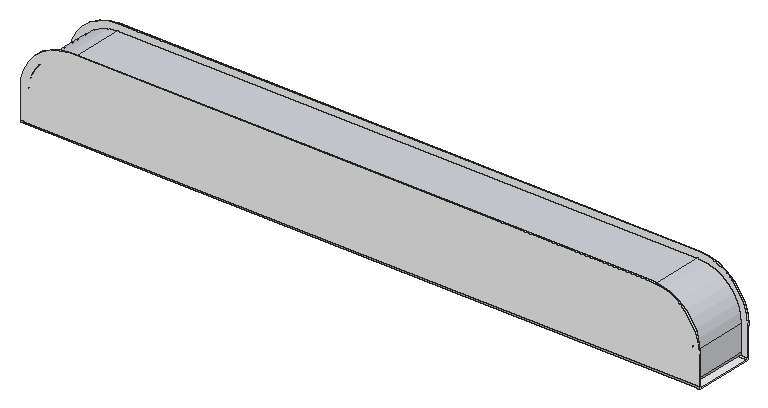
Revit family "BWY", category Lighting Fixtures, host Face, Revit 2023
Family settings
  Host = Face
  Round Connector Dimension = Use Diameter
  Part Type = Normal
  OmniClass Number = 23.80.70.11.14.11
  OmniClass Title = Downlights
  Cut with Voids When Loaded = No
  Light Source = Yes
  Maintain Annotation Orientation = No
  Shared = No
  Room Calculation Point = No
Parameters (values of type "BWY2-P24-LED840K15LFUNV")
  Width = 0' - 2"
  Wattage = 29.6746 W
  built-in parameter 1150110 = 1 (stored number, unit not read)
  Voltage = 120 V
  URL = "https://viscor.com/products/bwy"
  built-in parameter 1114217 = 0.9 (stored number, unit not read)
  Tilt Angle = -90.00°
  built-in parameter 1150109 = 1 (stored number, unit not read)
  built-in parameter 1150134 = 12
  built-in parameter 1150113 = 1 (stored number, unit not read)
  Photometric Web File = "BWY2-P24-LED840K15LFUNV.ies"
  Model = "BWY"  # constant formula
  Manufacturer = "Visioneering By Viscor"  # constant formula
  built-in parameter 1150105 = 239.45 (stored number, unit not read)
  Lumens = 3009 lm
  built-in parameter 1150115 = 1 (stored number, unit not read)
  built-in parameter 1150137 = (empty or 0)
  built-in parameter 1150139 = (empty or 0)
  Lens Finish = none
  Length = 1' - 10 1/4"
  Lamp Wattage = 29.65 VA
  built-in parameter 1150112 = 1 (stored number, unit not read)
  built-in parameter 1150114 = 1 (stored number, unit not read)
  Lamp = "LED"
  built-in parameter 1150132 = (empty or 0)
  built-in parameter 1150102 = (empty or 0)
  built-in parameter 1150107 = 4000 (stored number, unit not read)
  built-in parameter 1150138 = (empty or 0)
  built-in parameter 1150106 = 2.3945 (stored number, unit not read)
  Housing Finish = Metal - Viscor - White
  Emit from Line Length = Length  # 1' - 10 1/4"
  built-in parameter 1150104 = 9.4204 (stored number, unit not read)
  Dimming Lamp Color Temperature Shift = <None>
  Description = "Suspended Architectual Linear luminaire"  # constant formula
  Default Elevation = 4' - 0"
  Color Filter = 16777215
  built-in parameter 1114218 = 1 (stored number, unit not read)
  built-in parameter 1150133 = 10 (stored number, unit not read)
  Assembly Code = ""
  Apparent Load = Lamp Wattage  # 29.65 VA
Types (9): name | Wattage | Photometric Web File | built-in parameter 1150105 | Lumens | Lens Finish | Length | Lamp Wattage | built-in parameter 1150106 | Emit from Line Length | built-in parameter 1150104 | Apparent Load
  (no name) | 29.6746 W | "BWY2-P24-LED840K15LFUNV.ies" | 239.45 (stored number, unit not read) | 3009 lm | none | 1' - 10 1/4" | 29.65 VA | 2.3945 (stored number, unit not read) | 1' - 10 1/4" | 9.4204 (stored number, unit not read) | 29.65 VA
  BWY2-P48-LED840K04LFUNV | 14.3058 W | "BWY2-P48-LED840K04LFUNV.ies" | 161.54 (stored number, unit not read) | 2030 lm | Frosted Acrylic Lens | 3' - 8 1/4" | 14.3 VA | 1.6154 (stored number, unit not read) | 3' - 8 1/4" | 13.183 (stored number, unit not read) | 14.3 VA
  BWY2-P48-LED840K10LFUNV | 37.123 W | "BWY2-P48-LED840K10LFUNV.ies" | 319.34 (stored number, unit not read) | 4013 lm | Frosted Acrylic Lens | 3' - 8 1/4" | 37.1 VA | 3.1934 (stored number, unit not read) | 3' - 8 1/4" | 10.043 (stored number, unit not read) | 37.1 VA
  BWY2-P48-LED840K15LFUNV | 59.3491 W | "BWY2-P48-LED840K15LFUNV.ies" | 478.9 (stored number, unit not read) | 6018 lm | Frosted Acrylic Lens | 3' - 8 1/4" | 59.3 VA | 4.789 (stored number, unit not read) | 3' - 8 1/4" | 9.4204 (stored number, unit not read) | 59.3 VA
  BWY2-P24-LED840K15LFUNV | 29.6746 W | "BWY2-P24-LED840K15LFUNV.ies" | 239.45 (stored number, unit not read) | 3009 lm | none | 1' - 10 1/4" | 29.65 VA | 2.3945 (stored number, unit not read) | 1' - 10 1/4" | 9.4204 (stored number, unit not read) | 29.65 VA
  BWY2-P24-LED840K04LFUNV | 7.15 W | "BWY2-P24-LED840K04LFUNV.ies" | 80.738 (stored number, unit not read) | 1014.59 lm | Frosted Acrylic Lens | 1' - 10 1/4" | 7.15 VA | 0.80738 (stored number, unit not read) | 1' - 10 1/4" | 13.183 (stored number, unit not read) | 7.15 VA
  BWY2-P24-LED840K10LFUNV | 18.5661 W | "BWY2-P24-LED840K10LFUNV.ies" | 159.71 (stored number, unit not read) | 2007 lm | Frosted Acrylic Lens | 1' - 10 1/4" | 18.55 VA | 1.5971 (stored number, unit not read) | 1' - 10 1/4" | 10.043 (stored number, unit not read) | 18.55 VA
  BWY2-P48-LED840K7.5LFUNV | 27.8096 W | "BWY2-P48-LED840K7.5LFUNV.ies" | 239.45 (stored number, unit not read) | 3009 lm | Frosted Acrylic Lens | 3' - 8 1/4" | 27.8 VA | 2.3945 (stored number, unit not read) | 3' - 8 1/4" | 10.052 (stored number, unit not read) | 27.8 VA
  BWY2-P24-LED840K7.5LFUNV | 13.9 W | "BWY2-P24-LED840K7.5LFUNV.ies" | 119.68 (stored number, unit not read) | 1503.98 lm | Frosted Acrylic Lens | 1' - 10 1/4" | 13.9 VA | 1.1968 (stored number, unit not read) | 1' - 10 1/4" | 10.052 (stored number, unit not read) | 13.9 VA
Reference planes (in)
  plane 1 "Center (Front/Back)": y = 0
  plane 2: z = 0
  plane 3 "Center (Left/Right)": x = 0
  plane 4: y = 1
  plane 5: y = -1
  plane 6 "Left": x = -11.125
  plane 7 "Right": x = 11.125
  plane 8: x = -10.915
  plane 9: x = 10.915
  plane 10: y = 0.96875
  plane 11: y = -0.96875
Forms (in)
  Extrusion 1, solid, material "Metal - Viscor - White" <- "Housing Finish"
    sketch origin (0, 0, 0) x (0, 1, 0) y (0, 0, 1)
      loop
        line (1, 0.069) -> (1, 2.625) -> (0.96875, 2.625) -> (0.96875, 0.069)
        arc (0.96875, 0.069) -> (0.95769, 0.04231) -> (0.931, 0.03125) r 0.03775
        line (0.931, 0.03125) -> (-0.931, 0.03125)
        arc (-0.931, 0.03125) -> (-0.95769, 0.04231) -> (-0.96875, 0.069) r 0.03775
        line (-0.96875, 0.069) -> (-0.96875, 2.625) -> (-1, 2.625) -> (-1, 0.069)
        arc (-1, 0.069) -> (-0.97979, 0.02021) -> (-0.931, 0) r 0.069
        line (-0.931, 0) -> (0.931, 0)
        arc (0.931, 0) -> (0.97979, 0.02021) -> (1, 0.069) r 0.069
    from -11.125 to 11.125
  Extrusion 2, solid
    sketch origin (0, 0, 0) x (1, 0, 0) y (0, 0, 1)
      loop
        line (-10.125, 0.06) -> (-10.125, 0.09906) -> (-10.836, 0.09906)
        arc (-10.836, 0.09906) -> (-10.86424, 0.11076) -> (-10.87594, 0.139) r 0.03994
        line (-10.87594, 0.139) -> (-10.87594, 1)
        arc (-10.87594, 1) -> (-10.47293, 1.97293) -> (-9.5, 2.37594) r 1.37594
        line (-9.5, 2.37594) -> (9.5, 2.37594)
        arc (9.5, 2.37594) -> (10.47293, 1.97293) -> (10.87594, 1) r 1.37594
        line (10.87594, 1) -> (10.87594, 0.139)
        arc (10.87594, 0.139) -> (10.86424, 0.11076) -> (10.836, 0.09906) r 0.03994
        line (10.836, 0.09906) -> (10.125, 0.09906) -> (10.125, 0.06) -> (10.836, 0.06)
        arc (10.836, 0.06) -> (10.89186, 0.08314) -> (10.915, 0.139) r 0.079
        line (10.915, 0.139) -> (10.915, 1)
        arc (10.915, 1) -> (10.50056, 2.00056) -> (9.5, 2.415) r 1.415
        line (9.5, 2.415) -> (-9.5, 2.415)
        arc (-9.5, 2.415) -> (-10.50056, 2.00056) -> (-10.915, 1) r 1.415
        line (-10.915, 1) -> (-10.915, 0.139)
        arc (-10.915, 0.139) -> (-10.89186, 0.08314) -> (-10.836, 0.06) r 0.079
        line (-10.836, 0.06) -> (-10.125, 0.06)
    from -0.96875 to 0.96875
  Extrusion 3, void
    sketch origin (0, 0, 0) x (1, 0, 0) y (0, 0, 1)
      loop
        line (-9.5, 2.625) -> (-11.125, 2.625) -> (-11.125, 1)
        arc (-11.125, 1) -> (-10.64905, 2.14905) -> (-9.5, 2.625) r 1.625
    from 3.1121 to -3.10638
  Extrusion 4, void
    sketch origin (0, 0, 0) x (-1, 0, 0) y (0, 0, -1)
      loop
        arc (-9.5, -2.625) -> (-10.64905, -2.14905) -> (-11.125, -1) r 1.625
        line (-11.125, -1) -> (-11.125, -2.625) -> (-9.5, -2.625)
    from 3.1121 to -3.10638
Cuts and joins
  Extrusion 3, Extrusion 4 cuts Extrusion 1
Dimensions and locks (in)
  equal spacing: plane 6 "Left", plane 3 "Center (Left/Right)", plane 7 "Right"
  "Length": plane 6 "Left" to plane 7 "Right"
  equal spacing: plane 4, plane 1 "Center (Front/Back)", plane 5
  "Width": plane 4 to plane 5
  locked: plane 8 to plane 6 "Left" at 0.21
  locked: plane 9 to plane 7 "Right" at 0.21
  plane 4 to plane 10 to plane 1 "Center (Front/Back)" = 0' - 0 1/32" locked, 0' - 0 31/32"
  plane 5 to plane 11 to Extrusion 1 = 0' - 0 1/32" locked, 0' - 1 15/16"
  aligned and locked: plane 2 to host face
  aligned and locked: level to host face
  aligned and locked: Extrusion 1 to plane 6 "Left"
  aligned and locked: plane 7 "Right" to Extrusion 1
  aligned and locked: Extrusion 2 to plane 10
  aligned and locked: plane 11 to Extrusion 2
Automatic sketch dimensions
  host sketch curve to host sketch curve = 8' - 0"  (x2)
  Extrusion 1 sketch curve to Extrusion 1 sketch curve = 0' - 0"  (x5)
  Extrusion 1 sketch curve to plane 5 = 0' - 0"
  Extrusion 1 sketch curve to plane 11 = 0' - 0"
  Extrusion 1 sketch curve to level = 0' - 0"
  Extrusion 1 sketch curve to plane 10 = 0' - 0"
  Extrusion 1 sketch curve to Extrusion 1 sketch curve = 0' - 0.03775"
  Extrusion 1 sketch curve to plane 10 = 0' - 0.03775"
  Extrusion 1 sketch curve to Extrusion 1 sketch curve = 0' - 2.556"
  Extrusion 2 sketch curve to Extrusion 2 sketch curve = 0' - 0"  (x8)
  Extrusion 2 sketch curve to plane 8 = 0' - 0"
  Extrusion 2 sketch curve to plane 9 = 0' - 0"
  plane 8 to Extrusion 2 sketch curve = 0' - 0 5/128"
  Extrusion 2 sketch curve to Extrusion 2 sketch curve = 0' - 0.03994"  (x2)
  level to Extrusion 2 sketch curve = 0' - 0.06"  (x2)
  Extrusion 2 sketch curve to Extrusion 2 sketch curve = 0' - 0.711"
  Extrusion 2 sketch curve to Extrusion 2 sketch curve = 0' - 0 5/8"
  Extrusion 2 sketch curve to Extrusion 2 sketch curve = 0' - 1.37594"
  Extrusion 2 sketch curve to Extrusion 2 sketch curve = 0' - 0.75094"
  Extrusion 2 sketch curve to Extrusion 2 sketch curve = 0' - 0.861"
  Extrusion 3 sketch curve to plane 6 "Left" = 0' - 0"  (x2)
  plane 8 to Extrusion 3 sketch curve = 0' - 1.415"
  level to Extrusion 3 sketch curve = 0' - 1"
  Extrusion 3 sketch curve to Extrusion 3 sketch curve = 0' - 0"  (x3)
  Extrusion 4 sketch curve to plane 7 "Right" = 0' - 0"  (x2)
  Extrusion 4 sketch curve to plane 9 = 0' - 1.415"
  level to Extrusion 4 sketch curve = 0' - 2 5/8"
  level to Extrusion 4 sketch curve = 0' - 1"
  Extrusion 4 sketch curve to Extrusion 4 sketch curve = 0' - 0"  (x2)
